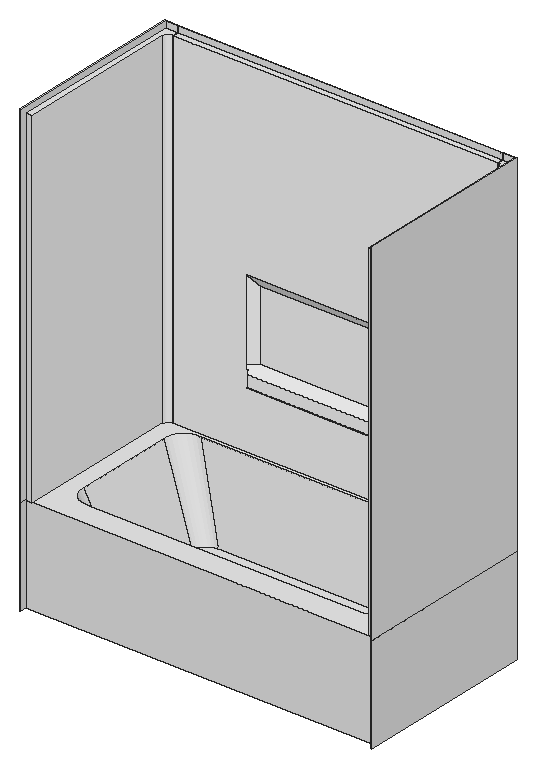
Revit family "4RTS6030.V2", category Plumbing Fixtures, Revit 2017
Family settings
  Round Connector Dimension = Use Diameter
  Part Type = Normal
  OmniClass Number = 23.45.05.14.17
  OmniClass Title = Showers
  Work Plane-Based = No
  Always vertical = Yes
  Cut with Voids When Loaded = No
  Shared = No
  Room Calculation Point = No
Parameters (values of type "4LRTS6030.V2")
  Unit Width = 60"
  Unit Height = 76 3/4"
  URL = "http://www.bestbath.com"
  Type Comments = "Remodeler"
  Model = "4LRTS6030.V2"
  Material [instance] = Best Bath Gelcoat Fiberglass - RealTile
  Manufacturer = "Best Bath Systems, Inc."
  Keynote = "22 40 00.D3"
  Description = "Real Tile Finish"
  Assembly Code = "D2010700"
Reference planes (in)
  plane 1 "Back": y = 0
  plane 2: z = 0.25
  plane 3 "Left": x = 0
  plane 4: x = 60
  plane 5: y = -30
  plane 6: z = 76
  plane 7: z = 77
  plane 8: x = 52
  plane 9: z = 16.75
  plane 10: y = -15
  plane 11: y = -1.25
  plane 12: x = 10
  plane 13: x = 55.5
  plane 14: y = -4.375
  plane 15: y = -23.5
  plane 16: y = -1.875
  plane 17: y = -26
  plane 18: x = 4
  plane 19: x = 57
  plane 20: x = 1.25
  plane 21: x = 58.75
  plane 22: y = -31
  plane 23: z = 30.25
Forms (in)
  Extrusion 1, solid, material "Best Bath Gelcoat Fiberglass - Smooth"
    sketch origin (0, 0, 0.25) x (1, 0, 0) y (0, 1, 0)
      loop
        line (60, -30) -> (60, 0) -> (57.75, 0) -> (57.75, -1.25)
        arc (57.75, -1.25) -> (58.45711, -1.54289) -> (58.75, -2.25) r 1
        line (58.75, -2.25) -> (58.75, -30) -> (60, -30)
      loop
        line (0, 0) -> (0, -30) -> (1.25, -30) -> (1.25, -2.25)
        arc (1.25, -2.25) -> (1.54289, -1.54289) -> (2.25, -1.25) r 1
        line (2.25, -1.25) -> (2.25, 0) -> (0, 0)
    from 16.5 to 75.75
  Extrusion 2, solid, material "Best Bath Gelcoat Fiberglass - Smooth"
    sketch origin (0, 0, 0.25) x (1, 0, 0) y (0, 1, 0)
      loop
        line (0, -30) -> (60, -30) -> (60, 0) -> (0, 0) -> (0, -30)
      loop
        circle (52, -15) r 1.5
    from 0 to 16.5
  Blend 3, void
    base sketch origin (0, 0, 0.25) x (1, 0, 0) y (0, 1, 0)
      loop
        arc (12.5, -4.375) -> (10.73223, -5.10723) -> (10, -6.875) r 2.5
        line (10, -6.875) -> (10, -21)
        arc (10, -21) -> (10.73223, -22.76777) -> (12.5, -23.5) r 2.5
        line (12.5, -23.5) -> (53.5, -23.5)
        arc (53.5, -23.5) -> (54.91421, -22.91421) -> (55.5, -21.5) r 2
        line (55.5, -21.5) -> (55.5, -6.375)
        arc (55.5, -6.375) -> (54.91421, -4.96079) -> (53.5, -4.375) r 2
        line (53.5, -4.375) -> (12.5, -4.375)
    top sketch origin (0, 0, 0.25) x (1, 0, 0) y (0, 1, 0)
      loop
        arc (7.5, -1.875) -> (5.02513, -2.90013) -> (4, -5.375) r 3.5
        line (4, -5.375) -> (4, -22.5)
        arc (4, -22.5) -> (5.02513, -24.97487) -> (7.5, -26) r 3.5
        line (7.5, -26) -> (53.5, -26)
        arc (53.5, -26) -> (55.97487, -24.97487) -> (57, -22.5) r 3.5
        line (57, -22.5) -> (57, -5.375)
        arc (57, -5.375) -> (55.97487, -2.90013) -> (53.5, -1.875) r 3.5
        line (53.5, -1.875) -> (7.5, -1.875)
    from 2.23617 to 16.5
  Extrusion 4, solid, material "Best Bath Gelcoat Fiberglass - Smooth"
    sketch origin (0, 0, 0.25) x (1, 0, 0) y (0, 1, 0)
      loop
        line (2.25, -1.25) -> (57.75, -1.25) -> (57.75, 0) -> (2.25, 0) -> (2.25, -1.25)
    from 16.5 to 75.75
  Extrusion 5, solid, material "Best Bath Gelcoat Fiberglass - Smooth"
    sketch origin (0, 0, 0.25) x (1, 0, 0) y (0, 1, 0)
      loop
        line (0, -30) -> (0, -31) -> (0.125, -31) -> (0.125, -30) -> (0, -30)
      loop
        line (60, -30) -> (59.875, -30) -> (59.875, -31) -> (60, -31) -> (60, -30)
    from 0 to 16.5
  Extrusion 6, solid, material "Best Bath Gelcoat Fiberglass - Smooth"
    sketch origin (0, 0, 0.25) x (1, 0, 0) y (0, 1, 0)
      loop
        line (2.25, 0) -> (2.25, -0.125) -> (57.75, -0.125) -> (57.75, 0) -> (2.25, 0)
    from 75.75 to 76.75
  Extrusion 7, solid, material "Best Bath Gelcoat Fiberglass - Smooth"
    sketch origin (0, 0, 0.25) x (1, 0, 0) y (0, 1, 0)
      loop
        line (0, -31) -> (0.125, -31) -> (0.125, -0.125) -> (2.25, -0.125) -> (2.25, 0) -> (0, 0) -> (0, -31)
      loop
        line (60, -31) -> (60, 0) -> (57.75, 0) -> (57.75, -0.125) -> (59.875, -0.125) -> (59.875, -31) -> (60, -31)
    from 16.5 to 76.75
  Blend 8, solid, material "Best Bath Gelcoat Fiberglass - Smooth"
    base sketch origin (1.5, -33, 0) x (1, 0, 0) y (0, 0, 1)
      loop
        line (13.375, 30.25) -> (13.375, 26.5) -> (43.625, 26.5) -> (43.625, 30.25) -> (13.375, 30.25)
    top sketch origin (1.5, -33, 0) x (1, 0, 0) y (0, 0, 1)
      loop
        line (15.375, 30.25) -> (15.375, 28.25) -> (41.625, 28.25) -> (41.625, 30.25) -> (15.375, 30.25)
    from -31.75 to -29.5
  Blend 9, void
    base sketch origin (1.5, -33, 0) x (1, 0, 0) y (0, 0, 1)
      loop
        line (13.375, 30.25) -> (43.625, 30.25) -> (43.625, 43.75) -> (13.375, 43.75) -> (13.375, 30.25)
    top sketch origin (1.5, -33, 0) x (1, 0, 0) y (0, 0, 1)
      loop
        line (14.875, 30.25) -> (42.125, 30.25) -> (42.125, 42.25) -> (14.875, 42.25) -> (14.875, 30.25)
    from -31.75 to -32.75
Cuts and joins
  Blend 3 cuts Extrusion 2
  joined: Extrusion 2, Extrusion 5
  Blend 9 cuts Extrusion 4
  joined: Extrusion 4, Extrusion 6, Blend 8
  joined: Extrusion 1, Extrusion 7
Dimensions and locks (in)
  "Unit Width": plane 3 "Left" to plane 4
  locked: plane 7 to plane 6 at 1
  "Unit Height": plane 7 to level
  plane 3 "Left" to plane 8 to plane 4 = 52", 8"
  plane 10 to plane 1 "Back" = 15"
  locked: plane 13 to plane 4 at 4.5
  locked: plane 15 to plane 5 at 6.5
  locked: plane 3 "Left" to plane 12 at 10
  locked: plane 16 to plane 1 "Back" at 1.875
  locked: plane 17 to plane 5 at 4
  locked: plane 19 to plane 4 at 3
  locked: plane 3 "Left" to plane 18 at 4
  plane 9 to level = 16 1/2"
  locked: plane 11 to plane 1 "Back" at 1.25
  locked: plane 3 "Left" to plane 20 at 1.25
  locked: plane 21 to plane 4 at 1.25
  locked: Extrusion 1 to plane 14 at 4.375
  locked: plane 5 to plane 22 at 1
  locked: plane 22 to plane 1 "Back" at 31
  locked: plane 23 to plane 9 at 13.5
  radius of Blend 3 sketch curve = 2"  (x2)
  radius of Blend 3 sketch curve = 2 1/2"  (x2)
  radius of Blend 3 sketch curve = 3 1/2"  (x4)
  aligned and locked: level to plane 2
  aligned and locked: plane 6 to Extrusion 1
  aligned and locked: Extrusion 1 sketch curve to plane 4
  aligned and locked: plane 5 to Extrusion 1 sketch curve
  aligned and locked: Extrusion 1 sketch curve to plane 5
  aligned and locked: Extrusion 2 sketch curve to Extrusion 1  (x3)
  aligned and locked: Extrusion 2 sketch curve to plane 1 "Back"
  aligned and locked: plane 10 to Extrusion 2 sketch curve
  aligned and locked: plane 8 to Extrusion 2 sketch curve
  aligned and locked: plane 15 to Blend 3 sketch curve
  aligned and locked: Blend 3 sketch curve to plane 14
  aligned and locked: Blend 3 sketch curve to plane 13
  aligned and locked: plane 12 to Blend 3 sketch curve
  aligned and locked: plane 18 to Blend 3 sketch curve
  aligned and locked: Blend 3 sketch curve to plane 19
  aligned and locked: plane 17 to Blend 3 sketch curve
  aligned and locked: Blend 3 sketch curve to plane 16
  aligned and locked: Extrusion 1 sketch curve to plane 20
  aligned and locked: Extrusion 4 to plane 9
  aligned and locked: plane 6 to Extrusion 4
  aligned and locked: Extrusion 1 to plane 9
  aligned and locked: Blend 3 to Extrusion 1
  aligned and locked: Extrusion 5 to Extrusion 1
  aligned and locked: plane 7 to Extrusion 6
  aligned and locked: Extrusion 6 to Extrusion 1
  aligned and locked: plane 7 to Extrusion 7
  aligned and locked: Extrusion 7 to Extrusion 1
Automatic sketch dimensions
  plane 1 "Back" to Extrusion 4 sketch curve = 0"
  plane 3 "Left" to Extrusion 4 sketch curve = 2 1/4"
  plane 4 to Extrusion 4 sketch curve = 2 1/4"
  Extrusion 4 sketch curve to plane 11 = 0"
  Extrusion 1 sketch curve to plane 3 "Left" = 0"
  plane 1 "Back" to Extrusion 1 sketch curve = 0"  (x2)
  Extrusion 1 sketch curve to plane 11 = 0"  (x2)
  Extrusion 1 sketch curve to plane 21 = 0"
  plane 20 to Extrusion 1 sketch curve = 1"
  Extrusion 1 sketch curve to plane 11 = 1"
  Blend 3 sketch curve to plane 14 = 0"
  Extrusion 5 sketch curve to plane 3 "Left" = 0"
  Extrusion 5 sketch curve to plane 22 = 0"  (x2)
  Extrusion 5 sketch curve to plane 5 = 0"  (x2)
  Extrusion 5 sketch curve to plane 4 = 0"
  plane 3 "Left" to Extrusion 5 sketch curve = 1/8"
  Extrusion 5 sketch curve to Extrusion 5 sketch curve = 1/8"
  plane 1 "Back" to Extrusion 6 sketch curve = 0"
  plane 3 "Left" to Extrusion 6 sketch curve = 2 1/4"
  plane 4 to Extrusion 6 sketch curve = 2 1/4"
  Extrusion 6 sketch curve to Extrusion 6 sketch curve = 1/8"
  Extrusion 7 sketch curve to plane 3 "Left" = 0"
  Extrusion 7 sketch curve to plane 22 = 0"  (x2)
  plane 1 "Back" to Extrusion 7 sketch curve = 0"  (x2)
  Extrusion 7 sketch curve to plane 4 = 0"
  plane 3 "Left" to Extrusion 7 sketch curve = 1/8"
  plane 1 "Back" to Extrusion 7 sketch curve = 1/8"  (x2)
  Extrusion 7 sketch curve to Extrusion 7 sketch curve = 2 1/8"
  plane 4 to Extrusion 7 sketch curve = 2 1/4"
  plane 4 to Extrusion 7 sketch curve = 1/8"
  Blend 8 sketch curve to plane 23 = 0"  (x2)
  Blend 8 sketch curve to plane 23 = 3 3/4"
  plane 3 "Left" to Blend 8 sketch curve = 14 7/8"
  plane 8 to Blend 8 sketch curve = 6 7/8"
  Blend 8 sketch curve to plane 23 = 2"
  plane 3 "Left" to Blend 8 sketch curve = 16 7/8"
  plane 8 to Blend 8 sketch curve = 8 7/8"
  Blend 9 sketch curve to plane 23 = 0"  (x2)
  plane 3 "Left" to Blend 9 sketch curve = 14 7/8"
  plane 8 to Blend 9 sketch curve = 6 7/8"
  Blend 9 sketch curve to Blend 9 sketch curve = 13 1/2"
  plane 3 "Left" to Blend 9 sketch curve = 16 3/8"
  plane 8 to Blend 9 sketch curve = 8 3/8"
  plane 23 to Blend 9 sketch curve = 12"
  radius of Extrusion 2 sketch curve = 1 1/2"
